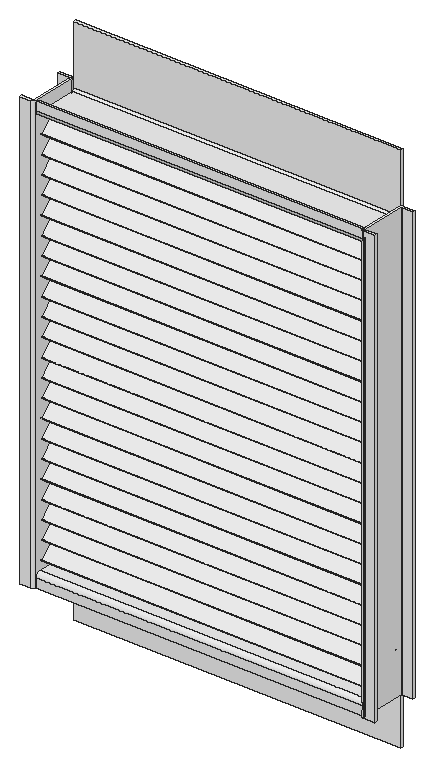
Revit family "Louver_XAV-545_All-Lite", category Mechanical Equipment, host Wall, Revit 2013
Parameters (values of type "XAV-545")
  Width Control = if(Width < Min Width, Min Width, if(Width > Max Width, Max Width, Width))  # 3' - 0"
  Width = 3' - 0"
  Warranty = "http://www.alllite.com/catalog/All-Lite-Warranty.pdf"
  Velocity @ .15 in. wg Pressure Loss = "755 fpm"  # constant formula
  URL = "http://alllite.com/"
  Specifications = ""
  Screen Frame = "Removable"  # constant formula
  Product URL = "http://www.alllite.com/catalog.php?model=XAV-545"
  Pressure Loss @ Beginning Point of Water Penetration = "0.094 in. wg."  # constant formula
  Omni Class Title = "Exterior Louvers & Grilles"  # constant formula
  Omni Class Code = "23-60 11 17"  # constant formula
  Mullion = "Visible"  # constant formula
  Maximum Size - Multiple Section = "Unlimited width x single section high, Single section wide x unlimited height"  # constant formula
  Free Area Velocity @ Beginning Point of Water Penetration = "555 fpm"  # constant formula
  Free Area = "[48'' x 48'' unit] : 7.9 ft² 49%"  # constant formula
  Flange = "5 1/2'' on top and bottom"  # constant formula
  Design Load = "300 psf"  # constant formula
  Screen = "1/2'' x .063'' expanded and flattened stainless steel"  # constant formula
  Model = "XAV-545"  # constant formula
  Minimum Size = "12'' x 12''"  # constant formula
  Min Width = 0' - 6"  # constant formula
  Min Height = 0' - 6"  # constant formula
  Maximum Size - Single Section = "60'' x 120'', 120'' x 60''"  # constant formula
  Max Width = 10' - 0"  # constant formula
  Max Height = 8' - 0"  # constant formula
  Manufacturer = "All-Lite"  # constant formula
  Louver Count = (Height Control - 0' 0 1/2") / 0' 2 1/8"  # 22
  Louver = Aluminum
  Height Control = if(Height < Min Height, Min Height, if(Height > Max Height, Max Height, Height))  # 4' - 0"
  Height = 4' - 0"
  Frame = "5 1/2'' deep x .25'' thick"  # constant formula
  Default Height = 4' - 0"
  Cut Sheet = ""
  Blades = "Inverted V, 1/4''"  # constant formula
  Blade Width = Width Control - 0' 0 1/2"  # 2' - 11 1/2"
  Assembly Code = "B2010300"
  Air Volume Delivered @ Beginning Point of Water Penetration = "4385 cfm"  # constant formula
  95 CSI = "10200"  # constant formula
  04 CSI = "08 91 00"  # constant formula
Reference planes (in)
  plane 1: y = 0
  plane 2 "Center (Left/Right)": x = 0
  plane 3 "Wall Edge": y = 6
  plane 4 "b": z = 48
  plane 5: x = 18
  plane 6: x = -18
  plane 7: z = 96
  plane 8: z = 48.5
  plane 9 "t": z = 95.5
  plane 10: x = 17.75
  plane 11: x = -17.75
  plane 12 "cad": x = 14.32113
  plane 13: z = 50.27046
  plane 14: y = 3.625
  plane 15: z = 92.26562
Forms (in)
  Sweep 1, solid, material "Aluminum" <- "Louver"
    path origin (0, 0, 95.5) x (0, -1, 0) y (1, 0, 0)
      loop
        line (-6, -18) -> (-6, 18)
    profile origin (0, 6, 95.5) x (0, 1, 0) y (0, 0, 1)
      loop
        line (-5.25, 0.5) -> (-5.25, -0.5)
        arc (-5.25, -0.5) -> (-5.10355, -0.85355) -> (-4.75, -1) r 0.5
        line (-4.75, -1) -> (-0.25, -1)
        arc (-0.25, -1) -> (0.10355, -0.85355) -> (0.25, -0.5) r 0.5
        line (0.25, -0.5) -> (0.25, 6) -> (0, 6) -> (0, -0.5)
        arc (0, -0.5) -> (-0.07322, -0.67678) -> (-0.25, -0.75) r 0.25
        line (-0.25, -0.75) -> (-4.75, -0.75)
        arc (-4.75, -0.75) -> (-4.92678, -0.67678) -> (-5, -0.5) r 0.25
        line (-5, -0.5) -> (-5, 0.5) -> (-5.25, 0.5)
  Sweep 2, solid, material "Aluminum" <- "Louver"
    path origin (0, 0, 48) x (1, 0, 0) y (0, 1, 0)
      loop
        line (-18, 6) -> (18, 6)
    profile origin (0, 6, 48) x (0, 1, 0) y (0, 0, 1)
      loop
        line (-5.25, 0) -> (-5, 0) -> (-5, 1)
        arc (-5, 1) -> (-4.92678, 1.17678) -> (-4.75, 1.25) r 0.25
        line (-4.75, 1.25) -> (-0.25, 1.25)
        arc (-0.25, 1.25) -> (-0.07322, 1.17678) -> (0, 1) r 0.25
        line (0, 1) -> (0, -5.5) -> (0.25, -5.5) -> (0.25, 1)
        arc (0.25, 1) -> (0.10355, 1.35355) -> (-0.25, 1.5) r 0.5
        line (-0.25, 1.5) -> (0.09375, 1.5)
        arc (0.09375, 1.5) -> (0.11585, 1.50915) -> (0.125, 1.53125) r 0.03125
        line (0.125, 1.53125) -> (0.125, 4.46875)
        arc (0.125, 4.46875) -> (0.11585, 4.49085) -> (0.09375, 4.5) r 0.03125
        line (0.09375, 4.5) -> (0.03125, 4.5)
        arc (0.03125, 4.5) -> (0.00915, 4.49085) -> (0, 4.46875) r 0.03125
        line (0, 4.46875) -> (0, 1.625) -> (-1.84375, 1.625)
        arc (-1.84375, 1.625) -> (-1.86585, 1.61585) -> (-1.875, 1.59375) r 0.03125
        line (-1.875, 1.59375) -> (-1.875, 1.5) -> (-4.75, 1.5)
        arc (-4.75, 1.5) -> (-5.10355, 1.35355) -> (-5.25, 1) r 0.5
        line (-5.25, 1) -> (-5.25, 0)
  Extrusion 3, solid, material "Aluminum" <- "Louver"
    sketch origin (0, 0, 0) x (1, 0, 0) y (0, 1, 0)
      loop
        arc (18.28125, 0.75) -> (18.25915, 0.75915) -> (18.25, 0.78125) r 0.03125
        line (18.25, 0.78125) -> (18.25, 5.71875)
        arc (18.25, 5.71875) -> (18.25915, 5.74085) -> (18.28125, 5.75) r 0.03125
        line (18.28125, 5.75) -> (19.5, 5.75) -> (19.5, 6) -> (18.28125, 6)
        arc (18.28125, 6) -> (18.08238, 5.91762) -> (18, 5.71875) r 0.28125
        line (18, 5.71875) -> (18, 0.78125)
        arc (18, 0.78125) -> (18.08238, 0.58238) -> (18.28125, 0.5) r 0.28125
        line (18.28125, 0.5) -> (19.5, 0.5) -> (19.5, 0.75) -> (18.28125, 0.75)
    from 48 to 96
  Extrusion 4, solid, material "Aluminum" <- "Louver"
    sketch origin (0, 0, 0) x (-1, 0, 0) y (0, -1, 0)
      loop
        line (18.28125, -0.75) -> (19.5, -0.75) -> (19.5, -0.5) -> (18.28125, -0.5)
        arc (18.28125, -0.5) -> (18.08238, -0.58238) -> (18, -0.78125) r 0.28125
        line (18, -0.78125) -> (18, -5.71875)
        arc (18, -5.71875) -> (18.08238, -5.91762) -> (18.28125, -6) r 0.28125
        line (18.28125, -6) -> (19.5, -6) -> (19.5, -5.75) -> (18.28125, -5.75)
        arc (18.28125, -5.75) -> (18.25915, -5.74085) -> (18.25, -5.71875) r 0.03125
        line (18.25, -5.71875) -> (18.25, -0.78125)
        arc (18.25, -0.78125) -> (18.25915, -0.75915) -> (18.28125, -0.75) r 0.03125
    from 48 to 96
Lines and regions (in)
  Opening 1
    outline origin (-60, -6, 0) x (1, 0, 0) y (0, 0, 1)
      loop
        line (79.5, 96) -> (40.5, 96) -> (40.5, 48) -> (79.5, 48) -> (79.5, 96)
Text (in)
  text "Placement Side" at (0, 40.15149, 123.01588), in view "Right"
  text "Placement Side" at (-70.3804, 28.46503, 0), in view "Ref. Level"
  text "Placement Side" at (0, 81.62555, 140.59947), in view "Left"
Dimensions and locks (in)
  locked: plane 3 "Wall Edge" to host wall
  "Default Height": level to plane 4 "b"
  "Height Control": plane 4 "b" to plane 7
  equal spacing: plane 6, plane 2 "Center (Left/Right)", plane 5
  "Width Control": plane 6 to plane 5
  plane 7 to plane 4 "b" = 4' - 0"
  locked: plane 8 to plane 4 "b" at 0.5
  locked: plane 7 to plane 9 "t" at 0.5
  locked: plane 10 to plane 5 at 0.25
  locked: plane 11 to plane 6 at 0.25
  locked: plane 13 to plane 4 "b" at 2.27046
  locked: plane 7 to plane 15 at 3.73438
  equal spacing: group 1, group 3, group 4, group 5, group 6, group 7, group 8, group 9, group 10, group 11, group 12, group 13, group 14, group 15, group 16, group 17, group 18, group 19, group 20, group 21, group 22, group 2  (x3)
  locked: plane 14 to host wall at 2.375
  aligned and locked: plane 7 to Opening 1 sketch curve
  aligned and locked: Opening 1 sketch curve to plane 4 "b"
  aligned and locked: Sweep 1 sketch curve to host wall
  aligned and locked: nested 1 to plane 14
  aligned and locked: nested 2 to plane 14
  aligned and locked: nested 2 to plane 15
  aligned and locked: plane 7 to Extrusion 3
  aligned and locked: Extrusion 3 to plane 4 "b"
  aligned and locked: plane 7 to Extrusion 4
  aligned and locked: Opening 1 sketch curve to Extrusion 3
  aligned and locked: Opening 1 sketch curve to Extrusion 4
  aligned and locked: plane 6 to Sweep 1 sketch curve
  aligned and locked: plane 5 to Sweep 1 sketch curve
  aligned and locked: plane 5 to Sweep 2 sketch curve
  aligned and locked: plane 6 to Sweep 2 sketch curve
Automatic sketch dimensions
  Sweep 1 sketch curve to Sweep 1 sketch curve = 0' - 0"  (x4)
  Sweep 1 sketch curve to profile plane = 0' - 0"
  profile plane to Sweep 1 sketch curve = 0' - 0 1/4"
  Sweep 1 sketch curve to plane 9 "t" = 0' - 1"
  Sweep 1 sketch curve to Sweep 1 sketch curve = 0' - 4 1/2"
  Sweep 1 sketch curve to Sweep 1 sketch curve = 0' - 0 1/4"  (x2)
  plane 9 "t" to Sweep 1 sketch curve = 0' - 0 1/2"
  plane 9 "t" to Sweep 1 sketch curve = 0' - 6"
  plane 3 "Wall Edge" to Sweep 2 sketch curve = 0' - 0"
  Sweep 2 sketch curve to Sweep 2 sketch curve = 0' - 0"  (x4)
  Sweep 2 sketch curve to plane 4 "b" = 0' - 0"
  Sweep 2 sketch curve to profile plane = 0' - 0"  (x2)
  Sweep 2 sketch curve to plane 4 "b" = 0' - 5 1/2"
  profile plane to Sweep 2 sketch curve = 0' - 0 1/4"
  Sweep 2 sketch curve to Sweep 2 sketch curve = 0' - 1 19/32"
  Sweep 2 sketch curve to Sweep 2 sketch curve = 0' - 0 1/32"  (x2)
  Sweep 2 sketch curve to Sweep 2 sketch curve = 0' - 2 7/8"
  Sweep 2 sketch curve to Sweep 2 sketch curve = 0' - 0 1/4"  (x3)
  Sweep 2 sketch curve to profile plane = 0' - 0 1/32"
  Sweep 2 sketch curve to profile plane = 0' - 0 3/32"
  Sweep 2 sketch curve to Sweep 2 sketch curve = 0' - 0 1/16"
  plane 4 "b" to Sweep 2 sketch curve = 0' - 1"
  Sweep 2 sketch curve to Sweep 2 sketch curve = 0' - 0 3/32"
  Sweep 2 sketch curve to Sweep 2 sketch curve = 0' - 2 27/32"
  Extrusion 3 sketch curve to Extrusion 3 sketch curve = 0' - 0"  (x4)
  Extrusion 3 sketch curve to plane 5 = 0' - 0"
  Extrusion 3 sketch curve to host wall = 0' - 0"
  Extrusion 3 sketch curve to host wall = 0' - 0 1/2"
  Extrusion 3 sketch curve to plane 5 = 0' - 0 1/4"
  Extrusion 3 sketch curve to Extrusion 3 sketch curve = 0' - 0 1/32"  (x2)
  Extrusion 3 sketch curve to Extrusion 3 sketch curve = 0' - 1 7/32"  (x2)
  Extrusion 4 sketch curve to Extrusion 4 sketch curve = 0' - 0"  (x4)
  Extrusion 4 sketch curve to plane 6 = 0' - 0"
  Extrusion 4 sketch curve to host wall = 0' - 0"
  host wall to Extrusion 4 sketch curve = 0' - 0 1/2"
  Extrusion 4 sketch curve to plane 6 = 0' - 0 1/4"
  Extrusion 4 sketch curve to Extrusion 4 sketch curve = 0' - 0 1/32"  (x2)
  Extrusion 4 sketch curve to Extrusion 4 sketch curve = 0' - 1 7/32"  (x2)
Nested families (in)
  nested 1: "XAV-545_Louver" at (0, 3.625, 51.92563), type "XAV-545_Louver"
    with W 3' - 0"
  nested 2: "XAV-545_Louver" at (0, 3.625, 93.9208), type "XAV-545_Louver"
    with W 3' - 0"
  nested 3: "XAV-545_Louver" at (0, 3.625, 53.9254), type "XAV-545_Louver"
    with W 3' - 0"
  nested 4: "XAV-545_Louver" at (0, 3.625, 55.92517), type "XAV-545_Louver"
    with W 3' - 0"
  nested 5: "XAV-545_Louver" at (0, 3.625, 57.92494), type "XAV-545_Louver"
    with W 3' - 0"
  nested 6: "XAV-545_Louver" at (0, 3.625, 59.92471), type "XAV-545_Louver"
    with W 3' - 0"
  nested 7: "XAV-545_Louver" at (0, 3.625, 61.92448), type "XAV-545_Louver"
    with W 3' - 0"
  nested 8: "XAV-545_Louver" at (0, 3.625, 63.92425), type "XAV-545_Louver"
    with W 3' - 0"
  nested 9: "XAV-545_Louver" at (0, 3.625, 65.92402), type "XAV-545_Louver"
    with W 3' - 0"
  nested 10: "XAV-545_Louver" at (0, 3.625, 67.92379), type "XAV-545_Louver"
    with W 3' - 0"
  nested 11: "XAV-545_Louver" at (0, 3.625, 69.92356), type "XAV-545_Louver"
    with W 3' - 0"
  nested 12: "XAV-545_Louver" at (0, 3.625, 71.92333), type "XAV-545_Louver"
    with W 3' - 0"
  nested 13: "XAV-545_Louver" at (0, 3.625, 73.9231), type "XAV-545_Louver"
    with W 3' - 0"
  nested 14: "XAV-545_Louver" at (0, 3.625, 75.92287), type "XAV-545_Louver"
    with W 3' - 0"
  nested 15: "XAV-545_Louver" at (0, 3.625, 77.92264), type "XAV-545_Louver"
    with W 3' - 0"
  nested 16: "XAV-545_Louver" at (0, 3.625, 79.92241), type "XAV-545_Louver"
    with W 3' - 0"
  nested 17: "XAV-545_Louver" at (0, 3.625, 81.92218), type "XAV-545_Louver"
    with W 3' - 0"
  nested 18: "XAV-545_Louver" at (0, 3.625, 83.92195), type "XAV-545_Louver"
    with W 3' - 0"
  nested 19: "XAV-545_Louver" at (0, 3.625, 85.92172), type "XAV-545_Louver"
    with W 3' - 0"
  nested 20: "XAV-545_Louver" at (0, 3.625, 87.92149), type "XAV-545_Louver"
    with W 3' - 0"
  nested 21: "XAV-545_Louver" at (0, 3.625, 89.92126), type "XAV-545_Louver"
    with W 3' - 0"
  nested 22: "XAV-545_Louver" at (0, 3.625, 91.92103), type "XAV-545_Louver"
    with W 3' - 0"
Definition of nested family "XAV-545_Louver"
  Parameters (values of type "XAV-545_Louver")
    W = 2' - 11 1/2"
    Louver = Hot Rolled A36 Steel with Zinc Rich Finish
    Blade = Hot Rolled A36 Steel with Zinc Rich Finish
    Assembly Code = ""
  Reference planes (in)
    plane 1 "Center (Front/Back)": y = 0
    plane 2: z = 0
    plane 3 "Center (Left/Right)": x = 0
    plane 4: x = -17.75
    plane 5: x = 17.75
    plane 6: z = 1.62015
    plane 7: z = 0
    plane 8: z = -1.65517
    plane 9: z = 0.58109
  Forms (in)
    Sweep 1, solid, material "Hot Rolled A36 Steel with Zinc Rich Finish" <- "Blade"
      path origin (0, -3.47095, -2.41891) x (1, 0, 0) y (0, 1, 0)
        loop
          line (-17.75, 0.81123) -> (17.75, 0.81123)
      profile origin (0, -2.65973, -2.41891) x (0, 1, 0) y (0, 0, 1)
        loop
          line (0.566, 0.84996) -> (0.58998, 0.82534)
          arc (0.58998, 0.82534) -> (0.74048, 0.76183) -> (0.89099, 0.82534) r 0.21008
          line (0.89099, 0.82534) -> (2.65973, 2.64166) -> (4.42785, 0.82598)
          arc (4.42785, 0.82598) -> (4.57897, 0.7622) -> (4.73009, 0.82598) r 0.21094
          line (4.73009, 0.82598) -> (4.75345, 0.84996) -> (2.65973, 3) -> (0.566, 0.84996)
  Dimensions and locks (in)
    plane 5 to plane 4 = 2' - 11 1/2"
    equal spacing: plane 4, plane 3 "Center (Left/Right)", plane 5
    "W": plane 4 to plane 5
    aligned and locked: plane 2 to level
    aligned and locked: plane 4 to Sweep 1 sketch curve
    aligned and locked: plane 5 to Sweep 1 sketch curve
  Automatic sketch dimensions
    plane 1 "Center (Front/Back)" to Sweep 1 sketch curve = 0' - 2.65973"
    Sweep 1 sketch curve to profile plane = 0' - 0.566"
    profile plane to Sweep 1 sketch curve = 0' - 0.82598"  (x2)
    Sweep 1 sketch curve to Sweep 1 sketch curve = 0' - 0.02397"
    Sweep 1 sketch curve to Sweep 1 sketch curve = 0' - 0.30101"
    Sweep 1 sketch curve to Sweep 1 sketch curve = 0' - 1.76874"
    plane 6 to Sweep 1 sketch curve = 0' - 1 5/128"
    Sweep 1 sketch curve to Sweep 1 sketch curve = 0' - 0"
    Sweep 1 sketch curve to Sweep 1 sketch curve = 0' - 1.76812"
    Sweep 1 sketch curve to Sweep 1 sketch curve = 0' - 0.30224"
    profile plane to Sweep 1 sketch curve = 0' - 0.84996"
    Sweep 1 sketch curve to Sweep 1 sketch curve = 0' - 0.02336"
    Sweep 1 sketch curve to Sweep 1 sketch curve = 0' - 0.1505"
    profile plane to Sweep 1 sketch curve = 0' - 0.82534"
    Sweep 1 sketch curve to Sweep 1 sketch curve = 0' - 0.02462"
    Sweep 1 sketch curve to Sweep 1 sketch curve = 0' - 0.35834"
    Sweep 1 sketch curve to Sweep 1 sketch curve = 0' - 0.14716"
    Sweep 1 sketch curve to Sweep 1 sketch curve = 0' - 0.14656"
